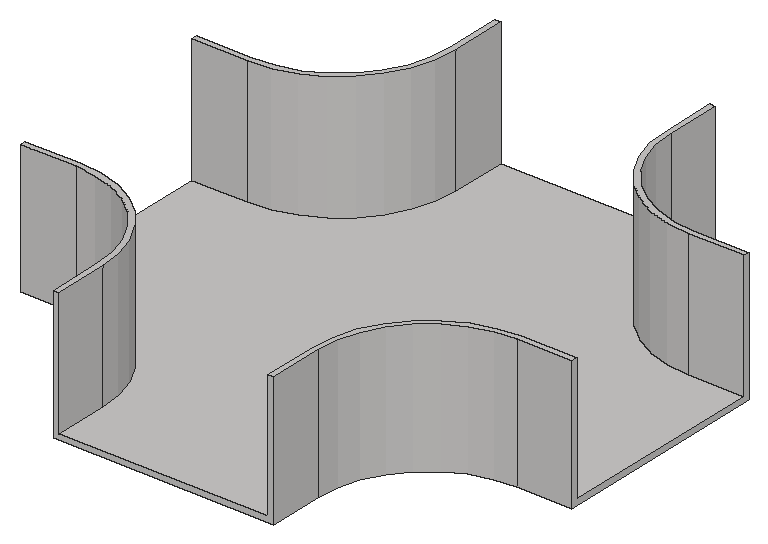
Revit family "Крестообразное ответвление", category Соединительные детали кабельных лотков, Revit 2015
Parameters
  Wholesaler Art. No. = ""
  Wholesaler = ""
  Watermarked By = "http://3dvector-pro.ru/"
  Width 3 [instance] = 100 mm
  Width 1 [instance] = 100 mm
  URL = "http://3dvector-pro.ru/sozdanie-semejstv-revit/"
  built-in parameter 1140111 [instance] = 2.6 mm
  Stabu Code = ""
  Revit Version = "2014"  # constant formula
  Model = "Крестообразное ответвление"
  MEPcontent Class = "Крестообразное ответвление"  # constant formula
  Internal Art. No. = ""
  IFCExportType = "NOTDEFINED"  # constant formula
  IFCExportAs = "IfcCableCarrierFittingType"  # constant formula
  Function Code [instance] = ""
  Family Version = "10.06"  # constant formula
  ETIM Article Class = ""
  EMCS Version = "2.0"  # constant formula
  Copyright = "3dvector-pro"  # constant formula
  Content Supplier URL = ""
  CB-NL Class = ""
  Article Type [instance] = ""
  Smallest L3 L4 [instance] = if(Length 3 - Width 1 / 2 > Length 4 - Width 1 / 2, Length 3 - Width 1 / 2, Length 4 - Width 1 / 2)  # 75 mm
  Smallest L1 L2 [instance] = if(Length 1 - Width 3 / 2 > Length 2 - Width 3 / 2, Length 2 - Width 3 / 2, Length 1 - Width 3 / 2)  # 75 mm
  Smallest Length [instance] = if(Smallest L1 L2 > Smallest L3 L4, Smallest L3 L4, Smallest L1 L2)  # 75 mm
  Radius With Thickness [instance] = Radius + [built-in parameter 1140111]  # 52.6 mm
  Radius Label [instance] = 490 mm
  Radius [instance] = if(Width 1 < 400 mm, 50 mm, 150 mm)  # 50 mm
  Product Line [instance] = ""
  Manufacturer = ""
  Length 4 [instance] = if(and(Width 1 = 100 mm, Height 1 = 60 mm, Width 3 = 100 mm, Angle 2 = 90.00°), 125 mm, if(and(Width 1 = 150 mm, Height 1 = 60 mm, Width 3 = 150 mm, Angle 2 = 90.00°), 150 mm, if(and(Width 1 = 200 mm, Height 1 = 60 mm, Width 3 = 200 mm, Angle 2 = 90.00°), 175 mm, if(and(Width 1 = 300 mm, Height 1 = 60 mm, Width 3 = 300 mm, Angle 2 = 90.00°), 225 mm, if(and(Width 1 = 400 mm, Height 1 = 60 mm, Width 3 = 400 mm, Angle 2 = 90.00°), 455 mm, if(and(Width 1 = 500 mm, Height 1 = 60 mm, Width 3 = 500 mm, Angle 2 = 90.00°), 505 mm, if(and(Width 1 = 600 mm, Height 1 = 60 mm, Width 3 = 600 mm, Angle 2 = 90.00°), 605 mm, Width 1 * 2)))))))  # 125 mm
  Length 3 [instance] = if(and(Width 1 = 100 mm, Height 1 = 60 mm, Width 3 = 100 mm, Angle 2 = 90.00°), 125 mm, if(and(Width 1 = 150 mm, Height 1 = 60 mm, Width 3 = 150 mm, Angle 2 = 90.00°), 150 mm, if(and(Width 1 = 200 mm, Height 1 = 60 mm, Width 3 = 200 mm, Angle 2 = 90.00°), 175 mm, if(and(Width 1 = 300 mm, Height 1 = 60 mm, Width 3 = 300 mm, Angle 2 = 90.00°), 225 mm, if(and(Width 1 = 400 mm, Height 1 = 60 mm, Width 3 = 400 mm, Angle 2 = 90.00°), 455 mm, if(and(Width 1 = 500 mm, Height 1 = 60 mm, Width 3 = 500 mm, Angle 2 = 90.00°), 505 mm, if(and(Width 1 = 600 mm, Height 1 = 60 mm, Width 3 = 600 mm, Angle 2 = 90.00°), 605 mm, Width 1 * 2)))))))  # 125 mm
  Length 2 [instance] = if(and(Width 1 = 100 mm, Height 1 = 60 mm, Width 3 = 100 mm, Angle 2 = 90.00°), 125 mm, if(and(Width 1 = 150 mm, Height 1 = 60 mm, Width 3 = 150 mm, Angle 2 = 90.00°), 150 mm, if(and(Width 1 = 200 mm, Height 1 = 60 mm, Width 3 = 200 mm, Angle 2 = 90.00°), 175 mm, if(and(Width 1 = 300 mm, Height 1 = 60 mm, Width 3 = 300 mm, Angle 2 = 90.00°), 225 mm, if(and(Width 1 = 400 mm, Height 1 = 60 mm, Width 3 = 400 mm, Angle 2 = 90.00°), 455 mm, if(and(Width 1 = 500 mm, Height 1 = 60 mm, Width 3 = 500 mm, Angle 2 = 90.00°), 505 mm, if(and(Width 1 = 600 mm, Height 1 = 60 mm, Width 3 = 600 mm, Angle 2 = 90.00°), 605 mm, Width 1 * 2)))))))  # 125 mm
  Length 1 [instance] = if(and(Width 1 = 100 mm, Height 1 = 60 mm, Width 3 = 100 mm, Angle 2 = 90.00°), 125 mm, if(and(Width 1 = 150 mm, Height 1 = 60 mm, Width 3 = 150 mm, Angle 2 = 90.00°), 150 mm, if(and(Width 1 = 200 mm, Height 1 = 60 mm, Width 3 = 200 mm, Angle 2 = 90.00°), 175 mm, if(and(Width 1 = 300 mm, Height 1 = 60 mm, Width 3 = 300 mm, Angle 2 = 90.00°), 225 mm, if(and(Width 1 = 400 mm, Height 1 = 60 mm, Width 3 = 400 mm, Angle 2 = 90.00°), 455 mm, if(and(Width 1 = 500 mm, Height 1 = 60 mm, Width 3 = 500 mm, Angle 2 = 90.00°), 505 mm, if(and(Width 1 = 600 mm, Height 1 = 60 mm, Width 3 = 600 mm, Angle 2 = 90.00°), 605 mm, Width 1 * 2)))))))  # 125 mm
  Internal art.no. = ""
  Custom [instance] = if(and(Width 1 = 100 mm, Height 1 = 60 mm, Width 3 = 100 mm, Angle 2 = 90.00°), 1 = 0, if(and(Width 1 = 150 mm, Height 1 = 60 mm, Width 3 = 150 mm, Angle 2 = 90.00°), 1 = 0, if(and(Width 1 = 200 mm, Height 1 = 60 mm, Width 3 = 200 mm, Angle 2 = 90.00°), 1 = 0, if(and(Width 1 = 300 mm, Height 1 = 60 mm, Width 3 = 300 mm, Angle 2 = 90.00°), 1 = 0, if(and(Width 1 = 400 mm, Height 1 = 60 mm, Width 3 = 400 mm, Angle 2 = 90.00°), 1 = 0, if(and(Width 1 = 500 mm, Height 1 = 60 mm, Width 3 = 500 mm, Angle 2 = 90.00°), 1 = 0, if(and(Width 1 = 600 mm, Height 1 = 60 mm, Width 3 = 600 mm, Angle 2 = 90.00°), 1 = 0, 1 = 1)))))))  # no
  Height 1 [instance] = 60 mm
  GTIN [instance] = ""
  Description = "Крестообразное ответвление"
  Manufacturer URL = "http://3dvector-"
  CT4 [instance] = 1
  CT3 [instance] = 1
  CT2 [instance] = 1
  CT1 [instance] = 1
  Gray = Color RGB 189-187-185
  Assembly Code = ""
  Manufacturer Art. No. [instance] = ""
  Article Description [instance] = "Крестообразное ответвление"
  Angle 2 [instance] = 90.00°  # constant formula
Reference planes
  plane 1 "Center (Front/Back)": y = 0
  plane 2: z = 0
  plane 3 "Center (Left/Right)": x = 0
  plane 4: y = 50
  plane 5: y = -50
  plane 6: z = 30
  plane 7: z = -30
  plane 8: y = -100
  plane 9: x = -50
  plane 10: x = 50
  plane 11: x = -100
  plane 12: x = 100
  plane 13: y = -47.4
  plane 14: y = 47.4
  plane 15: y = -125
  plane 16: x = -47.4
  plane 17: x = 47.4
  plane 18: x = -125
  plane 19: x = 125
  plane 20: z = -27.4
  plane 21: y = 100
  plane 22: y = 125
Forms (mm)
  Extrusion 1, solid, material "Color RGB 189-187-185" <- "Gray", detail levels fine
    sketch origin (0, 0, 0) x (1, 0, 0) y (0, 1, 0)
      loop
        arc (-100, -50) -> (-64.645, -64.645) -> (-50, -100) r 50
        line (-50, -100) -> (-50, -125) -> (-47.4, -125) -> (-47.4, -100)
        arc (-47.4, -100) -> (-62.806, -62.806) -> (-100, -47.4) r 52.6
        line (-100, -47.4) -> (-125, -47.4) -> (-125, -50) -> (-100, -50)
      loop
        line (100, -50) -> (125, -50) -> (125, -47.4) -> (100, -47.4)
        arc (100, -47.4) -> (62.806, -62.806) -> (47.4, -100) r 52.6
        line (47.4, -100) -> (47.4, -125) -> (50, -125) -> (50, -100)
        arc (50, -100) -> (64.645, -64.645) -> (100, -50) r 50
      loop
        arc (-50, 100) -> (-64.645, 64.645) -> (-100, 50) r 50
        line (-100, 50) -> (-125, 50) -> (-125, 47.4) -> (-100, 47.4)
        arc (-100, 47.4) -> (-62.806, 62.806) -> (-47.4, 100) r 52.6
        line (-47.4, 100) -> (-47.4, 125) -> (-50, 125) -> (-50, 100)
      loop
        line (47.4, 125) -> (47.4, 100)
        arc (47.4, 100) -> (62.806, 62.806) -> (100, 47.4) r 52.6
        line (100, 47.4) -> (125, 47.4) -> (125, 50) -> (100, 50)
        arc (100, 50) -> (64.645, 64.645) -> (50, 100) r 50
        line (50, 100) -> (50, 125) -> (47.4, 125)
    from -30 to 30
  Extrusion 2, solid, material "Color RGB 189-187-185" <- "Gray", detail levels fine
    sketch origin (0, 0, 0) x (1, 0, 0) y (0, 1, 0)
      loop
        arc (-100, -50) -> (-64.645, -64.645) -> (-50, -100) r 50
        line (-50, -100) -> (-50, -125) -> (50, -125) -> (50, -100)
        arc (50, -100) -> (64.645, -64.645) -> (100, -50) r 50
        line (100, -50) -> (125, -50) -> (125, 50) -> (100, 50)
        arc (100, 50) -> (64.645, 64.645) -> (50, 100) r 50
        line (50, 100) -> (50, 125) -> (-50, 125) -> (-50, 100)
        arc (-50, 100) -> (-64.645, 64.645) -> (-100, 50) r 50
        line (-100, 50) -> (-125, 50) -> (-125, -50) -> (-100, -50)
    from -30 to -27.4
  Extrusion 3, solid, material "Color RGB 189-187-185" <- "Gray", detail levels medium
    sketch origin (0, 0, 0) x (1, 0, 0) y (0, 1, 0)
      loop
        arc (-100, -50) -> (-64.645, -64.645) -> (-50, -100) r 50
        line (-50, -100) -> (-50, -125) -> (50, -125) -> (50, -100)
        arc (50, -100) -> (64.645, -64.645) -> (100, -50) r 50
        line (100, -50) -> (125, -50) -> (125, 50) -> (100, 50)
        arc (100, 50) -> (64.645, 64.645) -> (50, 100) r 50
        line (50, 100) -> (50, 125) -> (-50, 125) -> (-50, 100)
        arc (-50, 100) -> (-64.645, 64.645) -> (-100, 50) r 50
        line (-100, 50) -> (-125, 50) -> (-125, -50) -> (-100, -50)
    from -30 to 30
Cuts and joins
  joined: Extrusion 1, Extrusion 2
Lines and regions (mm)
  model lines, style "Fittings", detail levels coarse
    curve 1: line (-125, 0, 0) -> (125, 0, 0)
    curve 2: line (0, 0, 0) -> (0, -125, 0)
    curve 3: line (0, 125, 0) -> (0, 0, 0)
Dimensions and locks
  equal spacing: plane 4, plane 1 "Center (Front/Back)", plane 5
  "Width 1": plane 4 to plane 5
  equal spacing: plane 6, plane 2, plane 7
  "Height 1": plane 6 to plane 7
  "Radius": plane 5 to plane 8
  equal spacing: plane 9, plane 3 "Center (Left/Right)", plane 10
  "Width 3": plane 9 to plane 10
  "Radius": plane 11 to plane 9
  "Radius": plane 10 to plane 12
  "built-in parameter 1140111": plane 13 to plane 5
  "built-in parameter 1140111": plane 4 to plane 14
  "built-in parameter 1140111": plane 9 to plane 16
  "built-in parameter 1140111": plane 17 to plane 10
  "built-in parameter 1140111": plane 20 to plane 7
  "Radius": plane 21 to plane 4
  "Length 1": plane 18 to plane 3 "Center (Left/Right)"
  "Length 2": plane 3 "Center (Left/Right)" to plane 19
  "Length 3": plane 1 "Center (Front/Back)" to plane 22
  "Length 4": plane 15 to plane 1 "Center (Front/Back)"
  "Radius": radius of Extrusion 1 sketch curve  (x4)
  "Radius With Thickness": radius of Extrusion 1 sketch curve  (x4)
  "Radius": radius of Extrusion 2 sketch curve  (x4)
  "Radius": radius of Extrusion 3 sketch curve  (x4)
  aligned and locked: plane 8 to Extrusion 1 sketch curve  (x8)
  aligned and locked: plane 11 to Extrusion 1 sketch curve  (x6)
  aligned and locked: Extrusion 1 sketch curve to plane 13
  aligned and locked: plane 18 to Extrusion 1 sketch curve  (x2)
  aligned and locked: Extrusion 1 sketch curve to plane 5
  aligned and locked: Extrusion 1 sketch curve to plane 9  (x2)
  aligned and locked: plane 15 to Extrusion 1 sketch curve  (x2)
  aligned and locked: Extrusion 1 sketch curve to plane 16  (x2)
  aligned and locked: plane 16 to Extrusion 1 sketch curve
  aligned and locked: plane 9 to Extrusion 1 sketch curve
  aligned and locked: Extrusion 1 sketch curve to plane 15  (x2)
  aligned and locked: Extrusion 1 sketch curve to plane 18  (x2)
  aligned and locked: Extrusion 1 to plane 7
  aligned and locked: plane 6 to Extrusion 1
  aligned and locked: plane 12 to Extrusion 1 sketch curve  (x6)
  aligned and locked: plane 19 to Extrusion 1 sketch curve  (x3)
  aligned and locked: plane 5 to Extrusion 1 sketch curve
  aligned and locked: plane 13 to Extrusion 1 sketch curve
  aligned and locked: Extrusion 1 sketch curve to plane 19
  aligned and locked: Extrusion 1 sketch curve to plane 17
  aligned and locked: Extrusion 1 sketch curve to plane 10  (x2)
  aligned and locked: plane 10 to Extrusion 1 sketch curve
  aligned and locked: plane 17 to Extrusion 1 sketch curve  (x2)
  aligned and locked: plane 8 to Extrusion 2 sketch curve  (x4)
  aligned and locked: plane 11 to Extrusion 2 sketch curve  (x4)
  aligned and locked: plane 12 to Extrusion 2 sketch curve  (x4)
  aligned and locked: plane 18 to Extrusion 2 sketch curve  (x2)
  aligned and locked: Extrusion 2 sketch curve to plane 5
  aligned and locked: plane 4 to Extrusion 2 sketch curve
  aligned and locked: plane 5 to Extrusion 2 sketch curve
  aligned and locked: plane 19 to Extrusion 2 sketch curve  (x2)
  aligned and locked: plane 15 to Extrusion 2 sketch curve
  aligned and locked: plane 10 to Extrusion 2 sketch curve
  aligned and locked: plane 9 to Extrusion 2 sketch curve
  aligned and locked: Extrusion 2 sketch curve to plane 15
  aligned and locked: Extrusion 2 to plane 7
  aligned and locked: plane 20 to Extrusion 2
  aligned and locked: plane 8 to Extrusion 3 sketch curve  (x3)
  aligned and locked: plane 11 to Extrusion 3 sketch curve  (x4)
  aligned and locked: plane 18 to Extrusion 3 sketch curve  (x2)
  aligned and locked: Extrusion 3 sketch curve to plane 5  (x2)
  aligned and locked: plane 4 to Extrusion 3 sketch curve  (x2)
  aligned and locked: plane 5 to Extrusion 3 sketch curve
  aligned and locked: plane 12 to Extrusion 3 sketch curve  (x3)
  aligned and locked: plane 19 to Extrusion 3 sketch curve  (x2)
  aligned and locked: plane 15 to Extrusion 3 sketch curve
  aligned and locked: Extrusion 3 sketch curve to plane 10  (x2)
  aligned and locked: plane 10 to Extrusion 3 sketch curve
  aligned and locked: plane 9 to Extrusion 3 sketch curve
  aligned and locked: Extrusion 3 sketch curve to plane 15
  aligned and locked: Extrusion 3 to plane 7
  aligned and locked: plane 6 to Extrusion 3
  aligned and locked: plane 19 to curve 1
  aligned and locked: plane 1 "Center (Front/Back)" to curve 2
  aligned and locked: curve 2 to plane 3 "Center (Left/Right)"
  aligned and locked: plane 21 to Extrusion 1 sketch curve  (x6)
  aligned and locked: Extrusion 1 sketch curve to plane 14  (x2)
  aligned and locked: Extrusion 1 sketch curve to plane 4  (x2)
  aligned and locked: plane 22 to Extrusion 1 sketch curve  (x4)
  aligned and locked: plane 4 to Extrusion 1 sketch curve
  aligned and locked: plane 14 to Extrusion 1 sketch curve
  aligned and locked: plane 21 to Extrusion 3 sketch curve  (x3)
  aligned and locked: Extrusion 3 sketch curve to plane 4
  aligned and locked: plane 22 to Extrusion 3 sketch curve  (x2)
  aligned and locked: Extrusion 3 sketch curve to plane 9
  aligned and locked: plane 21 to Extrusion 2 sketch curve  (x3)
  aligned and locked: plane 22 to Extrusion 2 sketch curve  (x2)
  aligned and locked: Extrusion 2 sketch curve to plane 9
  aligned and locked: Extrusion 2 sketch curve to plane 10
  aligned and locked: Extrusion 2 sketch curve to plane 4
  aligned and locked: curve 3 to plane 3 "Center (Left/Right)"
Automatic sketch dimensions
  curve 1 to plane 18 = 0 mm
  curve 2 to plane 15 = 0 mm
  plane 22 to curve 3 = 0 mm
Connectors
  cabletrayconduit at (-125, 0, 0), diameter 609.6, driven by "Height 1", driven by "Width 1"
    settings: on Extrusion 3, index 1, connector width 100 mm, connector height 60 mm, connector angle 0.00°, system type 32, placement type 0, profile type 1, connector reference index 2, is primary connector yes, connector utility param no, connector description ""
  cabletrayconduit at (125, 0, 0), diameter 609.6, driven by "Height 1", driven by "Width 1"
    settings: on Extrusion 3, index 2, connector width 100 mm, connector height 60 mm, connector angle 0.00°, system type 32, placement type 0, profile type 1, connector reference index 1, is primary connector no, connector utility param no, connector description ""
  cabletrayconduit at (0, -125, 0), diameter 609.6, driven by "Height 1", driven by "Width 3"
    settings: on Extrusion 3, index 3, connector width 100 mm, connector height 60 mm, connector angle 0.00°, system type 32, placement type 0, profile type 1, connector reference index 4, is primary connector no, connector utility param no, connector description ""
  cabletrayconduit at (0, 125, 0), diameter 609.6, driven by "Height 1", driven by "Width 3"
    settings: on Extrusion 3, index 4, connector width 100 mm, connector height 60 mm, connector angle 0.00°, system type 32, placement type 0, profile type 1, connector reference index 3, is primary connector no, connector utility param no, connector description ""
